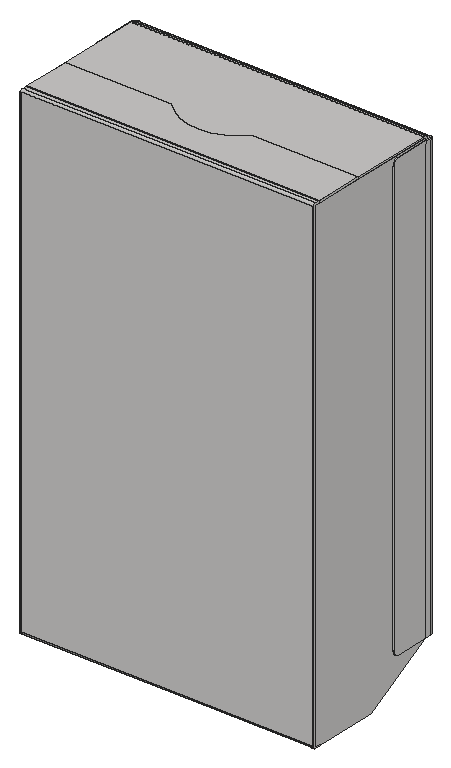
Revit family
Parameters (values of type "Type 1")
  WarrantyDurationUnit = "10 years"
  WarrantyDescription = "Any manufacturing defect"
  Version = "v1"
  URL = "http://www.delabie.com"
  Type Comments = "Paper towel dispenser"
  Shape = "Rectangle"
  SerialNumber = "3456330037365"
  ProductInformation = "http://www.delabie.com/products/6601"
  NominalWidth = 130 mm
  NominalLength = 275 mm
  NominalHeight = 450 mm
  Name = "Folded paper towel dispenser"
  ModelNumber = "6601"
  Model = "Folded paper towel dispenser"
  Material = Stainless steel
  ManufacturerURL = "http://www.delabie.com"
  ManufacturerName = "DELABIE"
  Manufacturer = "DELABIE"
  IntegralAccessoryOptions = "Soap dispenser"
  Finish = Bright polished
  Features  = "Paper towel dispensers for folded paper towels.\r\nWith lock and level control.\r\nMetal 1mm thick.\r\nCapacity 640 sheets.\r\nBright polished stainless steel.\r\nDimensions: 130 x 275 x 450mm.\r\nPaper towel dimensions: open 230 x 250mm, folded 115 x 250mm."
  Description = "French manufacturer Delabie is a leader in the European sanitary ware market for non-domestic places. Water controls, solutions for disabled people, sanitary ware, for schools, leisure centres, offices, hospitals, airports…"
  Category = "Hygienic accessories"
  Assembly Code = ""
Reference planes
  plane 1: y = 0
  plane 2 "Center (Left/Right)": x = 125
  plane 3 "Back": y = 75
  plane 4: y = 75
Text (mm)
  text "Placement side" at (-1787.139, 592.35, 0), in view "Ref. Level"
  text "Placement side" at (0, 1827.695, 2917.686), in view "Left"
  text "Placement side" at (0, 562.268, 3853.606), in view "Right"
Dimensions and locks
  locked: plane 3 "Back" to host wall at 0
  locked: plane 3 "Back" to plane 4 at 0
  aligned and locked: host wall to plane 1
  aligned and locked: nested 1 to plane 4
Nested families
  nested 1: "6601b" at (125, 75, 499.234) x (-1, 0, 0) z (0, 0, 1), type "6601"
Definition of nested family "6601b"
  Parameters (values of type "6601")
    Finition = Inox 304 poli brillant
    Description = ""
    URL = ""
    Type Comments = ""
    Technologie = ""
    Model = ""
    Manufacturer = ""
    Famille de produits = ""
    Assembly Code = ""
  Reference planes
    plane 1 "Center (Front/Back)": y = 0
    plane 2: z = 0
    plane 3 "Center (Left/Right)": x = 0
  Forms (mm)
    Extrusion 1, solid, material "Inox 304 poli brillant" <- "Finition"
      sketch origin (12.088, 27.325, 613.059) x (0, 0, 1) y (0, -1, 0)
        loop
          line (-181.5, 156.325) -> (-181.5, 157.325) -> (-186.895, 157.325)
          arc (-186.895, 157.325) -> (-187.895, 157.057) -> (-188.627, 156.325) r 2
          line (-188.627, 156.325) -> (-190.886, 152.412) -> (-190.02, 151.912) -> (-187.761, 155.825)
          arc (-187.761, 155.825) -> (-187.395, 156.191) -> (-186.895, 156.325) r 1
          line (-186.895, 156.325) -> (-181.5, 156.325)
      from -140.373 to 127.527
    Extrusion 2, solid, material "Inox 304 poli brillant" <- "Finition"
      sketch origin (12.088, 164.832, 434.982) x (1, 0, 0) y (0, -0.866025, 0.5)
        loop
          line (-140.473, 191.445) -> (-40.014, 191.445)
          arc (-40.014, 191.445) -> (-6.473, 210.521) -> (27.069, 191.445) r 39.026
          line (27.069, 191.445) -> (127.427, 191.445) -> (127.427, 244.672) -> (-140.473, 244.672) -> (-140.473, 191.445)
      from 155.052 to 156.052
    Revolve 3, solid, material "Inox 304 poli brillant" <- "Finition"
      sketch origin (5.615, 27.325, 613.059) x (0, 0, 1) y (0, -1, 0)
        loop
          line (193.85, 161.325) -> (193.85, 164.625) -> (187.5, 164.625) -> (187.5, 163.83) -> (182.85, 163.205) -> (182.85, 161.325) -> (193.85, 161.325)
        axis (193.85, 161.325) -> (193.85, 164.625)
      angle from 0 to 360
    Extrusion 4, solid, material "Inox 304 poli brillant" <- "Finition"
      sketch origin (12.088, 27.325, 649.059) x (0, -1, 0) y (1, 0, 0)
        loop
          line (153.18, -144.473) -> (158.325, -144.473)
          arc (158.325, -144.473) -> (160.446, -143.594) -> (161.325, -141.473) r 3
          line (161.325, -141.473) -> (161.325, 128.527)
          arc (161.325, 128.527) -> (160.446, 130.649) -> (158.325, 131.527) r 3
          line (158.325, 131.527) -> (153.18, 131.527) -> (153.18, 130.527) -> (158.325, 130.527)
          arc (158.325, 130.527) -> (159.728, 129.946) -> (160.325, 128.527) r 1.984
          line (160.325, 128.527) -> (160.325, -141.473)
          arc (160.325, -141.473) -> (159.739, -142.887) -> (158.325, -143.473) r 2
          line (158.325, -143.473) -> (153.18, -143.473) -> (153.18, -144.473)
      from -223 to 187
    Extrusion 5, solid, material "Inox 304 poli brillant" <- "Finition"
      sketch origin (12.088, 27.325, 613.059) x (0, 0, 1) y (0, -1, 0)
        loop
          line (-187, 153.18) -> (-187, 121.325)
          arc (-187, 121.325) -> (-185.536, 117.79) -> (-182, 116.325) r 5
          line (-182, 116.325) -> (218, 116.325)
          arc (218, 116.325) -> (221.536, 117.79) -> (223, 121.325) r 5
          line (223, 121.325) -> (223, 153.18) -> (-187, 153.18)
      from -144.473 to -143.473
    Extrusion 6, solid, material "Inox 304 poli brillant" <- "Finition"
      sketch origin (287.088, 27.325, 613.059) x (0, 0, 1) y (0, -1, 0)
        loop
          line (-187, 153.18) -> (-187, 121.325)
          arc (-187, 121.325) -> (-185.536, 117.79) -> (-182, 116.325) r 5
          line (-182, 116.325) -> (218, 116.325)
          arc (218, 116.325) -> (221.536, 117.79) -> (223, 121.325) r 5
          line (223, 121.325) -> (223, 153.18) -> (-187, 153.18)
      from -144.473 to -143.473
    Extrusion 7, solid, material "Inox 304 poli brillant" <- "Finition"
      sketch origin (12.088, 27.325, 613.059) x (0, 0, 1) y (0, -1, 0)
        loop
          line (218.5, 156.325) -> (223, 156.325)
          arc (223, 156.325) -> (223.707, 156.032) -> (224, 155.325) r 1
          line (224, 155.325) -> (224, 29.325)
          arc (224, 29.325) -> (223.707, 28.618) -> (223, 28.325) r 1
          line (223, 28.325) -> (-223, 28.325)
          arc (-223, 28.325) -> (-223.707, 28.618) -> (-224, 29.325) r 1
          line (-224, 29.325) -> (-224, 33.642) -> (-225, 33.642) -> (-225, 29.325)
          arc (-225, 29.325) -> (-224.414, 27.911) -> (-223, 27.325) r 2
          line (-223, 27.325) -> (223, 27.325)
          arc (223, 27.325) -> (224.414, 27.911) -> (225, 29.325) r 2
          line (225, 29.325) -> (225, 155.325)
          arc (225, 155.325) -> (224.414, 156.739) -> (223, 157.325) r 2
          line (223, 157.325) -> (218.5, 157.325) -> (218.5, 156.325)
      from -141.473 to 128.527
    Extrusion 8, solid, material "Inox 304 poli brillant" <- "Finition"
      sketch origin (12.088, 27.325, 613.059) x (0, -1, 0) y (1, 0, 0)
        loop
          line (33.642, -141.473) -> (78.425, -141.473) -> (78.425, -44.252)
          arc (78.425, -44.252) -> (61.925, -6.473) -> (78.425, 31.306) r 51.5
          line (78.425, 31.306) -> (78.425, 128.527) -> (33.642, 128.527) -> (33.642, -141.473)
      from 223.857 to 225
    Extrusion 9, solid, material "Inox 304 poli brillant" <- "Finition"
      sketch origin (12.088, 27.325, 613.059) x (0, 0, 1) y (0, -1, 0)
        loop
          line (-225, 93.325) -> (-225, 29.325)
          arc (-225, 29.325) -> (-224.414, 27.911) -> (-223, 27.325) r 2
          line (-223, 27.325) -> (223, 27.325) -> (223, 157.325) -> (-188.05, 157.325) -> (-225, 93.325)
      from -140.473 to -141.473
    Extrusion 10, solid, material "Inox 304 poli brillant" <- "Finition"
      sketch origin (0.142, 27.325, 613.059) x (0, 0, 1) y (0, 1, 0)
        loop
          line (-225, -93.325) -> (-188.05, -157.325) -> (223, -157.325) -> (223, -27.325) -> (-223, -27.325)
          arc (-223, -27.325) -> (-224.414, -27.911) -> (-225, -29.325) r 2
          line (-225, -29.325) -> (-225, -93.325)
      from -140.473 to -141.473
